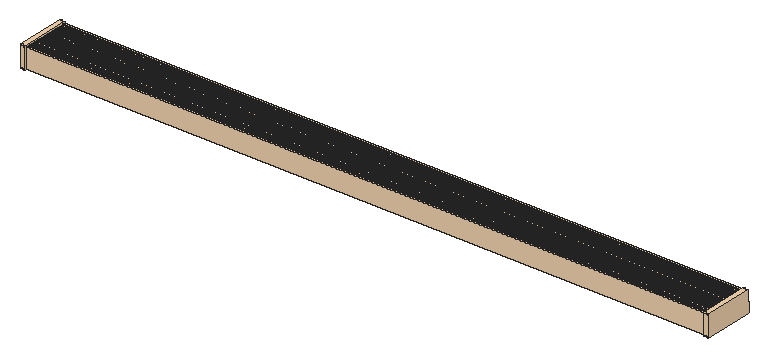
Revit family "Shower-Drain_Cover-KOHLER-Tile-In-K-80647_1", category Specialty Equipment, host Face, Revit 2017
Family settings
  Host = Face
  Round Connector Dimension = Use Diameter
  Part Type = Normal
  OmniClass Number = 23.31.25.00
  Cut with Voids When Loaded = No
  Shared = No
  Room Calculation Point = No
Parameters (values of type "2MB-Vibrant Brushed Moderne Brass")
  Width = 36"  # constant formula
  WaterSense Certified = 1 = 0  # no
  URL = "https://www.us.kohler.com/us/"
  Type = 1
  Product Page URL = "http://www.us.kohler.com/us/catalog/productDetails.jsp?productId=80647"
  Product Name = "TILE-IN"  # constant formula
  Product Documentation Link = "https://www.us.kohler.com/webassets/kpna/catalog/pdf/en/K-80647_spec_US-CA_Kohler_en.pdf"
  Model = if(Type = 1, "K-80647-2MB", if(Type = 2, "K-80647-BL", if(Type = 3, "K-80647-BNK", if(Type = 4, "K-80647-SH", "NA"))))  # "K-80647-2MB"
  Material = "Aluminum"  # constant formula
  Master Format 2014 Name = "Toilet, Bath, and Laundry Accessories"  # constant formula
  Master Format 2014 = "10 28 00"  # constant formula
  Manufacturer Address = "KOHLER Co. 444 Highland Dr. Kohler, WI 53044"  # constant formula
  Manufacturer = "KOHLER Co."  # constant formula
  Length = 2 9/16"  # constant formula
  Height = 1 1/8"  # constant formula
  Finish = Kohler-Metal-2MB-Vibrant_Brushed_Moderne_Brass
  Environmental Product Declaration = ""
  Description = "36 INCH TILE-IN MEDIUM LINEAR DRAIN GRID"  # constant formula
  Default Elevation = 0"
  Declare Label = ""
  Date Modified = "04/13/2021"  # constant formula
  Date Created = "04/13/2021"  # constant formula
  Copyright = "Copyright KOHLER Co."  # constant formula
  Contact Us = "https://www.us.kohler.com/us/static/contact.jsp"
  Assembly Code = "C1030200"
  ADA Compliant = 1 = 0  # no
Types (5): name | Type | Model | Finish
  (no name) | 1 | "K-80647-2MB" | Kohler-Metal-2MB-Vibrant_Brushed_Moderne_Brass
  2MB-Vibrant Brushed Moderne Brass | 1 | "K-80647-2MB" | Kohler-Metal-2MB-Vibrant_Brushed_Moderne_Brass
  BL-Matte Black | 2 | "K-80647-BL" | Kohler-Metal-BL-Matte_Black
  BNK-Anodized Brushed Nickel | 3 | "K-80647-BNK" | Kohler-Metal-BNK-Anodized_Brushed_Nickel
  SH-Bright Silver | 4 | "K-80647-SH" | Kohler-Metal-SH-Bright_Silver
Reference planes (in)
  plane 1 "Center (Front/Back)": y = 0
  plane 2: z = 0
  plane 3 "Center (Left/Right)": x = 0
  plane 4: y = 1.28125
  plane 5: y = 1.25
  plane 6: y = -1.28125
  plane 7: y = -1.25
  plane 8: z = -1.125
  plane 9: x = -18
  plane 10: x = 18
Forms (in)
  Extrusion 1, void
    sketch origin (0, 0, 0) x (1, 0, 0) y (0, 1, 0)
      loop
        line (17.75, 1.25) -> (-17.75, 1.25) -> (-17.75, 1.295) -> (-18, 1.295) -> (-18, -1.295) -> (-17.75, -1.295) -> (-17.75, -1.25) -> (17.75, -1.25) -> (17.75, -1.295) -> (18, -1.295) -> (18, 1.295) -> (17.75, 1.295) -> (17.75, 1.25)
    from 0 to -1.15415
Dimensions and locks (in)
  "Length": plane 4 to plane 6
  plane 5 to plane 7 = 2 1/2"
  "Height": level to plane 8
  "Width": plane 9 to plane 10
  aligned and locked: plane 2 to host face
  aligned and locked: level to host face
Automatic sketch dimensions
  host sketch curve to host sketch curve = 96"  (x2)
  plane 5 to Extrusion 1 sketch curve = 0"
  Extrusion 1 sketch curve to plane 7 = 0"
  Extrusion 1 sketch curve to plane 6 = 0.01375"  (x2)
  Extrusion 1 sketch curve to plane 4 = 0.01375"  (x2)
  plane 9 to Extrusion 1 sketch curve = 0"
  Extrusion 1 sketch curve to Extrusion 1 sketch curve = 1/4"  (x3)
  Extrusion 1 sketch curve to plane 10 = 1/4"
  Extrusion 1 sketch curve to Extrusion 1 sketch curve = 0"
Nested families (in)
  nested 1: "K-80647" at (0, 0, 0), type "K-80647"
Definition of nested family "K-80647"
  Parameters (values of type "K-80647")
    Material = none
  Reference planes (in)
    plane 1 "Center (Front/Back)": y = 0
    plane 2: z = 0
    plane 3 "Center (Left/Right)": x = 0
    plane 4: y = 1.28125
    plane 5: y = -1.28125
    plane 6: y = 1.25
    plane 7: y = -1.25
    plane 8: z = -1.125
    plane 9: x = -18
    plane 10: x = 18
  Forms (in)
    Extrusion 1, solid, material <- "Material", detail levels medium+fine
      sketch origin (0, 0, 0) x (0, 1, 0) y (0, 0, 1)
        loop
          arc (-1.255, 0) -> (-1.28328, -0.01172) -> (-1.295, -0.04) r 0.04
          line (-1.295, -0.04) -> (-1.295, -1.1)
          arc (-1.295, -1.1) -> (-1.28328, -1.12828) -> (-1.255, -1.14) r 0.04
          line (-1.255, -1.14) -> (1.255, -1.14)
          arc (1.255, -1.14) -> (1.28328, -1.12828) -> (1.295, -1.1) r 0.04
          line (1.295, -1.1) -> (1.295, -0.04)
          arc (1.295, -0.04) -> (1.28328, -0.01172) -> (1.255, 0) r 0.04
          line (1.255, 0) -> (-1.255, 0)
      from -18 to -17.75
    Extrusion 2, solid, material <- "Material", detail levels medium+fine
      sketch origin (0, 0, 0) x (0, 1, 0) y (0, 0, -1)
        loop
          line (-1.255, 0) -> (1.255, 0)
          arc (1.255, 0) -> (1.28328, 0.01172) -> (1.295, 0.04) r 0.04
          line (1.295, 0.04) -> (1.295, 1.1)
          arc (1.295, 1.1) -> (1.28328, 1.12828) -> (1.255, 1.14) r 0.04
          line (1.255, 1.14) -> (-1.255, 1.14)
          arc (-1.255, 1.14) -> (-1.28328, 1.12828) -> (-1.295, 1.1) r 0.04
          line (-1.295, 1.1) -> (-1.295, 0.04)
          arc (-1.295, 0.04) -> (-1.28328, 0.01172) -> (-1.255, 0) r 0.04
      from -18 to -17.75
    Extrusion 3, solid, material <- "Material", detail levels medium+fine
      sketch origin (0, 0, 0) x (0, 1, 0) y (0, 0, 1)
        loop
          line (1.13155, -0.05) -> (1.13155, -1.1) -> (1.25, -1.1) -> (1.25, -0.05) -> (1.13155, -0.05)
        loop
          line (-1.15, -1.1) -> (-1.15, -0.05) -> (-1.25, -0.05) -> (-1.25, -1.1) -> (-1.15, -1.1)
        loop
          line (-1.11665, -0.05) -> (-1.11665, -0.11699) -> (-1.05368, -0.11699) -> (-1.05368, -0.05) -> (-1.11665, -0.05)
        loop
          line (-1.02033, -0.05) -> (-1.02033, -0.11699) -> (-0.95736, -0.11699) -> (-0.95736, -0.05) -> (-1.02033, -0.05)
        loop
          line (-0.92401, -0.05) -> (-0.92401, -0.11699) -> (-0.86104, -0.11699) -> (-0.86104, -0.05) -> (-0.92401, -0.05)
        loop
          line (-0.82769, -0.05) -> (-0.82769, -0.11699) -> (-0.76471, -0.11699) -> (-0.76471, -0.05) -> (-0.82769, -0.05)
        loop
          line (-0.73137, -0.05) -> (-0.73137, -0.11699) -> (-0.66839, -0.11699) -> (-0.66839, -0.05) -> (-0.73137, -0.05)
        loop
          line (-0.63505, -0.05) -> (-0.63505, -0.11699) -> (-0.57207, -0.11699) -> (-0.57207, -0.05) -> (-0.63505, -0.05)
        loop
          line (-0.53873, -0.05) -> (-0.53873, -0.11699) -> (-0.47575, -0.11699) -> (-0.47575, -0.05) -> (-0.53873, -0.05)
        loop
          line (-0.44241, -0.05) -> (-0.44241, -0.11699) -> (-0.37943, -0.11699) -> (-0.37943, -0.05) -> (-0.44241, -0.05)
        loop
          line (-0.34608, -0.05) -> (-0.34608, -0.11699) -> (-0.28311, -0.11699) -> (-0.28311, -0.05) -> (-0.34608, -0.05)
        loop
          line (-0.24976, -0.05) -> (-0.24976, -0.11699) -> (-0.18679, -0.11699) -> (-0.18679, -0.05) -> (-0.24976, -0.05)
        loop
          line (-0.15344, -0.05) -> (-0.15344, -0.11699) -> (-0.09047, -0.11699) -> (-0.09047, -0.05) -> (-0.15344, -0.05)
        loop
          line (-0.05712, -0.05) -> (-0.05712, -0.11699) -> (0.00586, -0.11699) -> (0.00586, -0.05) -> (-0.05712, -0.05)
        loop
          line (0.0392, -0.05) -> (0.0392, -0.11699) -> (0.10218, -0.11699) -> (0.10218, -0.05) -> (0.0392, -0.05)
        loop
          line (0.13552, -0.05) -> (0.13552, -0.11699) -> (0.1985, -0.11699) -> (0.1985, -0.05) -> (0.13552, -0.05)
        loop
          line (0.23184, -0.05) -> (0.23184, -0.11699) -> (0.29482, -0.11699) -> (0.29482, -0.05) -> (0.23184, -0.05)
        loop
          line (0.32816, -0.05) -> (0.32816, -0.11699) -> (0.39114, -0.11699) -> (0.39114, -0.05) -> (0.32816, -0.05)
        loop
          line (0.42449, -0.05) -> (0.42449, -0.11699) -> (0.48746, -0.11699) -> (0.48746, -0.05) -> (0.42449, -0.05)
        loop
          line (0.52081, -0.05) -> (0.52081, -0.11699) -> (0.58378, -0.11699) -> (0.58378, -0.05) -> (0.52081, -0.05)
        loop
          line (0.61713, -0.05) -> (0.61713, -0.11699) -> (0.6801, -0.11699) -> (0.6801, -0.05) -> (0.61713, -0.05)
        loop
          line (0.71345, -0.05) -> (0.71345, -0.11699) -> (0.77643, -0.11699) -> (0.77643, -0.05) -> (0.71345, -0.05)
        loop
          line (0.80977, -0.05) -> (0.80977, -0.11699) -> (0.87275, -0.11699) -> (0.87275, -0.05) -> (0.80977, -0.05)
        loop
          line (0.90609, -0.05) -> (0.90609, -0.11699) -> (0.96907, -0.11699) -> (0.96907, -0.05) -> (0.90609, -0.05)
        loop
          line (1.01472, -0.05) -> (1.01472, -0.11699) -> (1.07769, -0.11699) -> (1.07769, -0.05) -> (1.01472, -0.05)
      from -17.75 to 17.75
    Extrusion 4, solid, material <- "Material", detail levels coarse
      sketch origin (0, 0, 0) x (1, 0, 0) y (0, 1, 0)
        loop
          line (-18, 1.295) -> (-18, -1.295) -> (-17.75, -1.295) -> (-17.75, -1.25) -> (17.75, -1.25) -> (17.75, -1.295) -> (18, -1.295) -> (18, 1.295) -> (17.75, 1.295) -> (17.75, 1.25) -> (-17.75, 1.25) -> (-17.75, 1.295) -> (-18, 1.295)
      from -1.125 to 0
    Extrusion 5, void
      sketch origin (0, 0, 0) x (1, 0, 0) y (0, 1, 0)
        loop
          circle (-17.49981, 1.00027) r 0.07522
        loop
          circle (-17.49981, -1.03718) r 0.07522
        loop
          circle (-16.51556, 1.00027) r 0.07522
        loop
          circle (-16.51556, -1.03718) r 0.07522
        loop
          circle (-15.49864, 1.00027) r 0.07522
        loop
          circle (-15.49864, -1.03718) r 0.07522
        loop
          circle (-14.49884, 1.00027) r 0.07522
        loop
          circle (-14.49884, -1.03718) r 0.07522
        loop
          circle (-13.50037, 1.00027) r 0.07522
        loop
          circle (-13.50037, -1.03718) r 0.07522
        loop
          circle (-12.50003, 1.00027) r 0.07522
        loop
          circle (-12.50003, -1.03718) r 0.07522
        loop
          circle (-6.50056, 1.00027) r 0.07522
        loop
          circle (-6.50056, -1.03718) r 0.07522
        loop
          circle (-0.50038, 1.00027) r 0.07522
        loop
          circle (-0.50038, -1.03718) r 0.07522
        loop
          circle (5.50152, 1.00027) r 0.07522
        loop
          circle (5.50152, -1.03718) r 0.07522
        loop
          circle (11.50094, 1.00027) r 0.07522
        loop
          circle (11.50094, -1.03718) r 0.07522
        loop
          circle (17.50045, 1.00027) r 0.07522
        loop
          circle (17.50045, -1.03718) r 0.07522
      from -1.38399 to 0.45587
  Cuts and joins
    Extrusion 5 cuts Extrusion 3
    joined: Extrusion 1, Extrusion 2, Extrusion 3
  Lines and regions (in)
    Masking region 1
      outline origin (0, 0, 0) x (1, 0, 0) y (0, 1, 0)
        loop
          line (-18, 1.25982) -> (-18, -1.25982)
          arc (-18, -1.25982) -> (-17.99372, -1.27497) -> (-17.97857, -1.28125) r 0.02143
          line (-17.97857, -1.28125) -> (-17.75, -1.28125) -> (-17.75, -1.25) -> (17.75, -1.25) -> (17.75, -1.28125) -> (17.97857, -1.28125)
          arc (17.97857, -1.28125) -> (17.99372, -1.27497) -> (18, -1.25982) r 0.02143
          line (18, -1.25982) -> (18, 1.25982)
          arc (18, 1.25982) -> (17.99372, 1.27497) -> (17.97857, 1.28125) r 0.02143
          line (17.97857, 1.28125) -> (17.75, 1.28125) -> (17.75, 1.25) -> (-17.75, 1.25) -> (-17.75, 1.28125) -> (-17.97857, 1.28125)
          arc (-17.97857, 1.28125) -> (-17.99372, 1.27497) -> (-18, 1.25982) r 0.02143
    Masking region 2
      outline origin (0, 0, 0) x (1, 0, 0) y (0, 0, 1)
        loop
          line (-17.97948, -1.125) -> (-17.75, -1.125) -> (-17.75, -1.09414) -> (17.75, -1.09414) -> (17.75, -1.125) -> (17.97948, -1.125)
          arc (17.97948, -1.125) -> (17.99399, -1.11899) -> (18, -1.10448) r 0.02052
          line (18, -1.10448) -> (18, -0.02052)
          arc (18, -0.02052) -> (17.99399, -0.00601) -> (17.97948, 0) r 0.02052
          line (17.97948, 0) -> (17.75, 0) -> (17.75, -0.05) -> (-17.75, -0.05) -> (-17.75, 0) -> (-17.97948, 0)
          arc (-17.97948, 0) -> (-17.99399, -0.00601) -> (-18, -0.02052) r 0.02052
          line (-18, -0.02052) -> (-18, -1.10448)
          arc (-18, -1.10448) -> (-17.99399, -1.11899) -> (-17.97948, -1.125) r 0.02052
    Masking region 3
      outline origin (0, 0, 0) x (0, 1, 0) y (0, 0, 1)
        loop
          line (1.28125, -1.08984) -> (1.28125, -0.03451)
          arc (1.28125, -0.03451) -> (1.27114, -0.01011) -> (1.24674, 0) r 0.03451
          line (1.24674, 0) -> (-1.24609, 0)
          arc (-1.24609, 0) -> (-1.27095, -0.0103) -> (-1.28125, -0.03516) r 0.03516
          line (-1.28125, -0.03516) -> (-1.28125, -1.08984)
          arc (-1.28125, -1.08984) -> (-1.27095, -1.1147) -> (-1.24609, -1.125) r 0.03516
          line (-1.24609, -1.125) -> (1.24609, -1.125)
          arc (1.24609, -1.125) -> (1.27095, -1.1147) -> (1.28125, -1.08984) r 0.03516
    symbolic lines, detail levels medium+fine
      curve 1: line (-17.75, 0, -0.05) -> (-17.75, 0, -1.09414)
      curve 2: line (17.75, 0, -0.04) -> (17.75, 0, -1.09414)
      curve 3: line (0, 1.24674, -0.01172) -> (0, -1.24609, -0.01172)
      curve 4: arc (0, -1.24609, -0.01172) -> (0, -1.26267, -0.01858) -> (0, -1.26953, -0.03516) r 0.02344
      curve 5: line (0, -1.26953, -1.08984) -> (0, -1.26953, -0.03516)
      curve 6: arc (0, -1.24609, -1.11328) -> (0, -1.26267, -1.10642) -> (0, -1.26953, -1.08984) r 0.02344
      curve 7: line (0, 1.24609, -1.11328) -> (0, -1.24609, -1.11328)
      curve 8: arc (0, 1.26953, -1.08984) -> (0, 1.26267, -1.10642) -> (0, 1.24609, -1.11328) r 0.02344
      curve 9: line (0, 1.26953, -1.08984) -> (0, 1.26953, -0.03451)
      curve 10: arc (0, 1.26953, -0.03451) -> (0, 1.26286, -0.01839) -> (0, 1.24674, -0.01172) r 0.02279
      curve 11: line (17.97948, 0, 0) -> (17.97948, 0, -1.125)
      curve 12: line (-17.97948, 0, -1.125) -> (-17.97948, 0, 0)
      curve 13: arc (-17.57312, -1.02033, 0) -> (-17.57503, -1.037, 0) -> (-17.57319, -1.05368, 0) r 0.07522
      curve 14: arc (-17.42642, -1.05368, 0) -> (-17.42459, -1.037, 0) -> (-17.4265, -1.02033, 0) r 0.07522
      curve 15: arc (-16.58886, -1.02033, 0) -> (-16.59077, -1.037, 0) -> (-16.58894, -1.05368, 0) r 0.07522
      curve 16: arc (-16.44217, -1.05368, 0) -> (-16.44034, -1.037, 0) -> (-16.44225, -1.02033, 0) r 0.07522
      curve 17: arc (-15.57195, -1.02033, 0) -> (-15.57386, -1.037, 0) -> (-15.57203, -1.05368, 0) r 0.07522
      curve 18: arc (-15.42526, -1.05368, 0) -> (-15.42342, -1.037, 0) -> (-15.42533, -1.02033, 0) r 0.07522
      curve 19: arc (-14.57215, -1.02033, 0) -> (-14.57406, -1.037, 0) -> (-14.57222, -1.05368, 0) r 0.07522
      curve 20: arc (-14.42546, -1.05368, 0) -> (-14.42362, -1.037, 0) -> (-14.42553, -1.02033, 0) r 0.07522
      curve 21: arc (-13.57367, -1.02033, 0) -> (-13.57558, -1.037, 0) -> (-13.57375, -1.05368, 0) r 0.07522
      curve 22: arc (-13.42698, -1.05368, 0) -> (-13.42515, -1.037, 0) -> (-13.42706, -1.02033, 0) r 0.07522
      curve 23: arc (-12.42664, -1.05368, 0) -> (-12.42481, -1.037, 0) -> (-12.42672, -1.02033, 0) r 0.07522
      curve 24: arc (-12.57333, -1.02033, 0) -> (-12.57524, -1.037, 0) -> (-12.57341, -1.05368, 0) r 0.07522
      curve 25: arc (-6.42692, -1.02033, 0) -> (-6.42536, -1.03704, 0) -> (-6.42754, -1.05368, 0) r 0.07522
      curve 26: arc (-6.57387, -1.02033, 0) -> (-6.57578, -1.037, 0) -> (-6.57394, -1.05368, 0) r 0.07522
      curve 27: arc (-0.57368, -1.02033, 0) -> (-0.57559, -1.037, 0) -> (-0.57376, -1.05368, 0) r 0.07522
      curve 28: arc (-0.42699, -1.05368, 0) -> (-0.42516, -1.037, 0) -> (-0.42707, -1.02033, 0) r 0.07522
      curve 29: arc (5.42821, -1.02033, 0) -> (5.4263, -1.037, 0) -> (5.42814, -1.05368, 0) r 0.07522
      curve 30: arc (5.57491, -1.05368, 0) -> (5.57674, -1.037, 0) -> (5.57483, -1.02033, 0) r 0.07522
      curve 31: arc (11.42764, -1.02033, 0) -> (11.42573, -1.037, 0) -> (11.42756, -1.05368, 0) r 0.07522
      curve 32: arc (11.57433, -1.05368, 0) -> (11.57616, -1.037, 0) -> (11.57425, -1.02033, 0) r 0.07522
      curve 33: arc (17.42714, -1.02033, 0) -> (17.42523, -1.037, 0) -> (17.42707, -1.05368, 0) r 0.07522
      curve 34: arc (17.57384, -1.05368, 0) -> (17.57567, -1.037, 0) -> (17.57376, -1.02033, 0) r 0.07522
      curve 35: arc (17.42663, 1.01472, 0) -> (17.42575, 0.99147, 0) -> (17.43201, 0.96907, 0) r 0.07522
      curve 36: arc (17.56889, 0.96907, 0) -> (17.57515, 0.99147, 0) -> (17.57427, 1.01472, 0) r 0.07522
      curve 37: arc (11.42713, 1.01472, 0) -> (11.42624, 0.99147, 0) -> (11.4325, 0.96907, 0) r 0.07522
      curve 38: arc (11.56938, 0.96907, 0) -> (11.57564, 0.99147, 0) -> (11.57476, 1.01472, 0) r 0.07522
      curve 39: arc (5.4277, 1.01472, 0) -> (5.42682, 0.99147, 0) -> (5.43308, 0.96907, 0) r 0.07522
      curve 40: arc (5.56996, 0.96907, 0) -> (5.57622, 0.99147, 0) -> (5.57534, 1.01472, 0) r 0.07522
      curve 41: arc (-0.57419, 1.01472, 0) -> (-0.57508, 0.99147, 0) -> (-0.56882, 0.96907, 0) r 0.07522
      curve 42: arc (-0.43194, 0.96907, 0) -> (-0.42568, 0.99147, 0) -> (-0.42656, 1.01472, 0) r 0.07522
      curve 43: arc (-6.57438, 1.01472, 0) -> (-6.57526, 0.99147, 0) -> (-6.569, 0.96907, 0) r 0.07522
      curve 44: arc (-6.43212, 0.96907, 0) -> (-6.42586, 0.99147, 0) -> (-6.42674, 1.01472, 0) r 0.07522
      curve 45: arc (-12.43159, 0.96907, 0) -> (-12.42533, 0.99147, 0) -> (-12.42621, 1.01472, 0) r 0.07522
      curve 46: arc (-12.57384, 1.01472, 0) -> (-12.57473, 0.99147, 0) -> (-12.56847, 0.96907, 0) r 0.07522
      curve 47: arc (-13.57418, 1.01472, 0) -> (-13.57507, 0.99147, 0) -> (-13.56881, 0.96907, 0) r 0.07522
      curve 48: arc (-13.43193, 0.96907, 0) -> (-13.42567, 0.99147, 0) -> (-13.42655, 1.01472, 0) r 0.07522
      curve 49: arc (-14.57073, 1.0224, 0) -> (-14.5739, 0.99542, 0) -> (-14.56728, 0.96907, 0) r 0.07522
      curve 50: arc (-14.4304, 0.96907, 0) -> (-14.42414, 0.99147, 0) -> (-14.42502, 1.01472, 0) r 0.07522
      curve 51: arc (-15.57246, 1.01472, 0) -> (-15.57334, 0.99147, 0) -> (-15.56708, 0.96907, 0) r 0.07522
      curve 52: arc (-15.4302, 0.96907, 0) -> (-15.42394, 0.99147, 0) -> (-15.42482, 1.01472, 0) r 0.07522
      curve 53: arc (-16.58937, 1.01472, 0) -> (-16.59026, 0.99147, 0) -> (-16.584, 0.96907, 0) r 0.07522
      curve 54: arc (-16.44712, 0.96907, 0) -> (-16.44086, 0.99147, 0) -> (-16.44174, 1.01472, 0) r 0.07522
      curve 55: arc (-17.57363, 1.01472, 0) -> (-17.57451, 0.99147, 0) -> (-17.56825, 0.96907, 0) r 0.07522
      curve 56: arc (-17.43137, 0.96907, 0) -> (-17.42511, 0.99147, 0) -> (-17.42599, 1.01472, 0) r 0.07522
      curve 57: line (-17.75, -1.25, 0) -> (-17.75, 1.255, 0)
      curve 58: line (17.75, 1.25, 0) -> (17.75, -1.255, 0)
      curve 59: line (-17.75, 1.13155, 0) -> (17.75, 1.13155, 0)
      curve 60: line (17.75, 1.07769, 0) -> (-17.75, 1.07769, 0)
      curve 61: line (-17.75, 1.01472, 0) -> (-17.57363, 1.01472, 0)
      curve 62: line (17.75, 0.96907, 0) -> (17.56889, 0.96907, 0)
      curve 63: line (-17.75, 0.90609, 0) -> (17.75, 0.90609, 0)
      curve 64: line (17.75, 0.87275, 0) -> (-17.75, 0.87275, 0)
      curve 65: line (-17.75, 0.80977, 0) -> (17.75, 0.80977, 0)
      curve 66: line (17.75, 0.77643, 0) -> (-17.75, 0.77643, 0)
      curve 67: line (-17.75, 0.71345, 0) -> (17.75, 0.71345, 0)
      curve 68: line (17.75, 0.6801, 0) -> (-17.75, 0.6801, 0)
      curve 69: line (17.75, 0.58378, 0) -> (-17.75, 0.58378, 0)
      curve 70: line (-17.75, 0.61713, 0) -> (17.75, 0.61713, 0)
      curve 71: line (17.75, 0.48746, 0) -> (-17.75, 0.48746, 0)
      curve 72: line (-17.75, 0.52081, 0) -> (17.75, 0.52081, 0)
      curve 73: line (-17.75, 0.42449, 0) -> (17.75, 0.42449, 0)
      curve 74: line (17.75, 0.39114, 0) -> (-17.75, 0.39114, 0)
      curve 75: line (17.75, 0.29482, 0) -> (-17.75, 0.29482, 0)
      curve 76: line (-17.75, 0.32816, 0) -> (17.75, 0.32816, 0)
      curve 77: line (-17.75, 0.23184, 0) -> (17.75, 0.23184, 0)
      curve 78: line (17.75, 0.1985, 0) -> (-17.75, 0.1985, 0)
      curve 79: line (-17.75, 0.13552, 0) -> (17.75, 0.13552, 0)
      curve 80: line (17.75, 0.10218, 0) -> (-17.75, 0.10218, 0)
      curve 81: line (-17.75, 0.0392, 0) -> (17.75, 0.0392, 0)
      curve 82: line (17.75, 0.00586, 0) -> (-17.75, 0.00586, 0)
      curve 83: line (-17.75, -0.05712, 0) -> (17.75, -0.05712, 0)
      curve 84: line (17.75, -0.09047, 0) -> (-17.75, -0.09047, 0)
      curve 85: line (-17.75, -0.15344, 0) -> (17.75, -0.15344, 0)
      curve 86: line (17.75, -0.18679, 0) -> (-17.75, -0.18679, 0)
      curve 87: line (-17.75, -0.24976, 0) -> (17.75, -0.24976, 0)
      curve 88: line (17.75, -0.28311, 0) -> (-17.75, -0.28311, 0)
      curve 89: line (-17.75, -0.34608, 0) -> (17.75, -0.34608, 0)
      curve 90: line (17.75, -0.37943, 0) -> (-17.75, -0.37943, 0)
      curve 91: line (-17.75, -0.44241, 0) -> (17.75, -0.44241, 0)
      curve 92: line (17.75, -0.47575, 0) -> (-17.75, -0.47575, 0)
      curve 93: line (-17.75, -0.53873, 0) -> (17.75, -0.53873, 0)
      curve 94: line (17.75, -0.57207, 0) -> (-17.75, -0.57207, 0)
      curve 95: line (-17.75, -0.63505, 0) -> (17.75, -0.63505, 0)
      curve 96: line (17.75, -0.66839, 0) -> (-17.75, -0.66839, 0)
      curve 97: line (-17.75, -0.73137, 0) -> (17.75, -0.73137, 0)
      curve 98: line (17.75, -0.76471, 0) -> (-17.75, -0.76471, 0)
      curve 99: line (17.75, -1.15, 0) -> (-17.75, -1.15, 0)
      curve 100: line (-17.75, -1.11665, 0) -> (17.75, -1.11665, 0)
      curve 101: line (17.75, -1.05368, 0) -> (17.57384, -1.05368, 0)
      curve 102: line (-17.75, -1.02033, 0) -> (-17.57312, -1.02033, 0)
      curve 103: line (17.75, -0.95736, 0) -> (-6.57945, -0.95736, 0)
      curve 104: line (-17.75, -0.92401, 0) -> (17.75, -0.92401, 0)
      curve 105: line (17.75, -0.86104, 0) -> (-17.75, -0.86104, 0)
      curve 106: line (-17.75, -0.82769, 0) -> (17.75, -0.82769, 0)
      curve 107: line (-17.75, -1.15, 0) -> (-17.75, -1.11665, 0)
      curve 108: line (-17.75, 1.07769, 0) -> (-17.75, 1.13155, 0)
      curve 109: line (-17.75, 0.96907, 0) -> (-17.75, 1.01472, 0)
      curve 110: line (-17.75, 0.87275, 0) -> (-17.75, 0.90609, 0)
      curve 111: line (-17.75, 0.77643, 0) -> (-17.75, 0.80977, 0)
      curve 112: line (-17.75, 0.6801, 0) -> (-17.75, 0.71345, 0)
      curve 113: line (-17.75, 0.58378, 0) -> (-17.75, 0.61713, 0)
      curve 114: line (-17.75, 0.48746, 0) -> (-17.75, 0.52081, 0)
      curve 115: line (-17.75, 0.39114, 0) -> (-17.75, 0.42449, 0)
      curve 116: line (-17.75, 0.29482, 0) -> (-17.75, 0.32816, 0)
      curve 117: line (-17.75, 0.1985, 0) -> (-17.75, 0.23184, 0)
      curve 118: line (-17.75, 0.10218, 0) -> (-17.75, 0.13552, 0)
      curve 119: line (-17.75, 0.00586, 0) -> (-17.75, 0.0392, 0)
      curve 120: line (-17.75, -0.09047, 0) -> (-17.75, -0.05712, 0)
      curve 121: line (-17.75, -0.18679, 0) -> (-17.75, -0.15344, 0)
      curve 122: line (-17.75, -0.28311, 0) -> (-17.75, -0.24976, 0)
      curve 123: line (-17.75, -0.37943, 0) -> (-17.75, -0.34608, 0)
      curve 124: line (-17.75, -0.47575, 0) -> (-17.75, -0.44241, 0)
      curve 125: line (-17.75, -0.57207, 0) -> (-17.75, -0.53873, 0)
      curve 126: line (-17.75, -0.66839, 0) -> (-17.75, -0.63505, 0)
      curve 127: line (-17.75, -0.76471, 0) -> (-17.75, -0.73137, 0)
      curve 128: line (-17.75, -0.86104, 0) -> (-17.75, -0.82769, 0)
      curve 129: line (-17.75, -0.95736, 0) -> (-17.75, -0.92401, 0)
      curve 130: line (-17.75, -1.05368, 0) -> (-17.75, -1.02033, 0)
      curve 131: line (17.75, -1.15, 0) -> (17.75, -1.11665, 0)
      curve 132: line (17.75, 1.07769, 0) -> (17.75, 1.13155, 0)
      curve 133: line (17.75, 0.96907, 0) -> (17.75, 1.01472, 0)
      curve 134: line (17.75, 0.87275, 0) -> (17.75, 0.90609, 0)
      curve 135: line (17.75, 0.77643, 0) -> (17.75, 0.80977, 0)
      curve 136: line (17.75, 0.6801, 0) -> (17.75, 0.71345, 0)
      curve 137: line (17.75, 0.58378, 0) -> (17.75, 0.61713, 0)
      curve 138: line (17.75, 0.48746, 0) -> (17.75, 0.52081, 0)
      curve 139: line (17.75, 0.39114, 0) -> (17.75, 0.42449, 0)
      curve 140: line (17.75, 0.29482, 0) -> (17.75, 0.32816, 0)
      curve 141: line (17.75, 0.1985, 0) -> (17.75, 0.23184, 0)
      curve 142: line (17.75, 0.10218, 0) -> (17.75, 0.13552, 0)
      curve 143: line (17.75, 0.00586, 0) -> (17.75, 0.0392, 0)
      curve 144: line (17.75, -0.09047, 0) -> (17.75, -0.05712, 0)
      curve 145: line (17.75, -0.18679, 0) -> (17.75, -0.15344, 0)
      curve 146: line (17.75, -0.28311, 0) -> (17.75, -0.24976, 0)
      curve 147: line (17.75, -0.37943, 0) -> (17.75, -0.34608, 0)
      curve 148: line (17.75, -0.47575, 0) -> (17.75, -0.44241, 0)
      curve 149: line (17.75, -0.57207, 0) -> (17.75, -0.53873, 0)
      curve 150: line (17.75, -0.66839, 0) -> (17.75, -0.63505, 0)
      curve 151: line (17.75, -0.76471, 0) -> (17.75, -0.73137, 0)
      curve 152: line (17.75, -0.86104, 0) -> (17.75, -0.82769, 0)
      curve 153: line (17.75, -0.95736, 0) -> (17.75, -0.92401, 0)
      curve 154: line (17.75, -1.05368, 0) -> (17.75, -1.02033, 0)
      curve 155: arc (-17.56825, 0.96907, 0) -> (-17.49981, 0.92505, 0) -> (-17.43137, 0.96907, 0) r 0.07522
      curve 156: arc (-17.42599, 1.01472, 0) -> (-17.49981, 1.07549, 0) -> (-17.57363, 1.01472, 0) r 0.07522
      curve 157: arc (-16.584, 0.96907, 0) -> (-16.51556, 0.92505, 0) -> (-16.44712, 0.96907, 0) r 0.07522
      curve 158: arc (-16.44174, 1.01472, 0) -> (-16.51556, 1.07549, 0) -> (-16.58937, 1.01472, 0) r 0.07522
      curve 159: arc (-17.57319, -1.05368, 0) -> (-17.49981, -1.11239, 0) -> (-17.42642, -1.05368, 0) r 0.07522
      curve 160: arc (-17.4265, -1.02033, 0) -> (-17.49981, -0.96196, 0) -> (-17.57312, -1.02033, 0) r 0.07522
      curve 161: arc (-16.58894, -1.05368, 0) -> (-16.51556, -1.11239, 0) -> (-16.44217, -1.05368, 0) r 0.07522
      curve 162: arc (-16.44225, -1.02033, 0) -> (-16.51556, -0.96196, 0) -> (-16.58886, -1.02033, 0) r 0.07522
      curve 163: arc (-15.42482, 1.01472, 0) -> (-15.49864, 1.07549, 0) -> (-15.57246, 1.01472, 0) r 0.07522
      curve 164: arc (-15.56708, 0.96907, 0) -> (-15.49864, 0.92505, 0) -> (-15.4302, 0.96907, 0) r 0.07522
      curve 165: arc (-14.42502, 1.01472, 0) -> (-14.49884, 1.07549, 0) -> (-14.57266, 1.01472, 0) r 0.07522
      curve 166: arc (-14.56728, 0.96907, 0) -> (-14.49884, 0.92505, 0) -> (-14.4304, 0.96907, 0) r 0.07522
      curve 167: arc (-12.42621, 1.01472, 0) -> (-12.50003, 1.07549, 0) -> (-12.57384, 1.01472, 0) r 0.07522
      curve 168: arc (-12.56847, 0.96907, 0) -> (-12.50003, 0.92505, 0) -> (-12.43159, 0.96907, 0) r 0.07522
      curve 169: arc (-13.56881, 0.96907, 0) -> (-13.50037, 0.92505, 0) -> (-13.43193, 0.96907, 0) r 0.07522
      curve 170: arc (-13.42655, 1.01472, 0) -> (-13.50037, 1.07549, 0) -> (-13.57418, 1.01472, 0) r 0.07522
      curve 171: arc (-15.57203, -1.05368, 0) -> (-15.49864, -1.11239, 0) -> (-15.42526, -1.05368, 0) r 0.07522
      curve 172: arc (-15.42533, -1.02033, 0) -> (-15.49864, -0.96196, 0) -> (-15.57195, -1.02033, 0) r 0.07522
      curve 173: arc (-14.57222, -1.05368, 0) -> (-14.49884, -1.11239, 0) -> (-14.42546, -1.05368, 0) r 0.07522
      curve 174: arc (-14.42553, -1.02033, 0) -> (-14.49884, -0.96196, 0) -> (-14.57215, -1.02033, 0) r 0.07522
      curve 175: arc (-13.57375, -1.05368, 0) -> (-13.50037, -1.11239, 0) -> (-13.42698, -1.05368, 0) r 0.07522
      curve 176: arc (-13.42706, -1.02033, 0) -> (-13.50037, -0.96196, 0) -> (-13.57367, -1.02033, 0) r 0.07522
      curve 177: arc (-12.57341, -1.05368, 0) -> (-12.50003, -1.11239, 0) -> (-12.42664, -1.05368, 0) r 0.07522
      curve 178: arc (-12.42672, -1.02033, 0) -> (-12.50003, -0.96196, 0) -> (-12.57333, -1.02033, 0) r 0.07522
      curve 179: line (-17.42599, 1.01472, 0) -> (-16.58937, 1.01472, 0)
      curve 180: line (-17.56825, 0.96907, 0) -> (-17.75, 0.96907, 0)
      curve 181: line (-16.44174, 1.01472, 0) -> (-15.57246, 1.01472, 0)
      curve 182: line (-16.584, 0.96907, 0) -> (-17.43137, 0.96907, 0)
      curve 183: line (-15.42482, 1.01472, 0) -> (-14.57266, 1.01472, 0)
      curve 184: line (-15.56708, 0.96907, 0) -> (-16.44712, 0.96907, 0)
      curve 185: line (-14.42502, 1.01472, 0) -> (-13.57418, 1.01472, 0)
      curve 186: line (-14.56728, 0.96907, 0) -> (-15.4302, 0.96907, 0)
      curve 187: line (-13.42655, 1.01472, 0) -> (-12.57384, 1.01472, 0)
      curve 188: line (-13.56881, 0.96907, 0) -> (-14.4304, 0.96907, 0)
      curve 189: line (-12.42621, 1.01472, 0) -> (-6.57438, 1.01472, 0)
      curve 190: line (-12.56847, 0.96907, 0) -> (-13.43193, 0.96907, 0)
      curve 191: line (-12.42672, -1.02033, 0) -> (-6.5742, -1.02033, 0)
      curve 192: line (-12.57341, -1.05368, 0) -> (-13.42698, -1.05368, 0)
      curve 193: line (-13.42706, -1.02033, 0) -> (-12.57333, -1.02033, 0)
      curve 194: line (-13.57375, -1.05368, 0) -> (-14.42546, -1.05368, 0)
      curve 195: line (-14.42553, -1.02033, 0) -> (-13.57367, -1.02033, 0)
      curve 196: line (-14.57222, -1.05368, 0) -> (-15.42526, -1.05368, 0)
      curve 197: line (-15.42533, -1.02033, 0) -> (-14.57215, -1.02033, 0)
      curve 198: line (-15.57203, -1.05368, 0) -> (-16.44217, -1.05368, 0)
      curve 199: line (-16.44225, -1.02033, 0) -> (-15.57195, -1.02033, 0)
      curve 200: line (-16.58894, -1.05368, 0) -> (-17.42642, -1.05368, 0)
      curve 201: line (-17.4265, -1.02033, 0) -> (-16.58886, -1.02033, 0)
      curve 202: line (-17.57319, -1.05368, 0) -> (-17.75, -1.05368, 0)
      curve 203: arc (-6.42674, 1.01472, 0) -> (-6.50056, 1.07549, 0) -> (-6.57438, 1.01472, 0) r 0.07522
      curve 204: arc (-6.569, 0.96907, 0) -> (-6.50056, 0.92505, 0) -> (-6.43212, 0.96907, 0) r 0.07522
      curve 205: arc (-0.42656, 1.01472, 0) -> (-0.50038, 1.07549, 0) -> (-0.57419, 1.01472, 0) r 0.07522
      curve 206: arc (-0.56882, 0.96907, 0) -> (-0.50038, 0.92505, 0) -> (-0.43194, 0.96907, 0) r 0.07522
      curve 207: arc (5.57534, 1.01472, 0) -> (5.50152, 1.07549, 0) -> (5.4277, 1.01472, 0) r 0.07522
      curve 208: arc (5.43308, 0.96907, 0) -> (5.50152, 0.92505, 0) -> (5.56996, 0.96907, 0) r 0.07522
      curve 209: arc (11.57476, 1.01472, 0) -> (11.50094, 1.07549, 0) -> (11.42713, 1.01472, 0) r 0.07522
      curve 210: arc (11.4325, 0.96907, 0) -> (11.50094, 0.92505, 0) -> (11.56938, 0.96907, 0) r 0.07522
      curve 211: arc (17.43201, 0.96907, 0) -> (17.50045, 0.92505, 0) -> (17.56889, 0.96907, 0) r 0.07522
      curve 212: arc (17.57427, 1.01472, 0) -> (17.50045, 1.07549, 0) -> (17.42663, 1.01472, 0) r 0.07522
      curve 213: arc (17.42707, -1.05368, 0) -> (17.50045, -1.11239, 0) -> (17.57384, -1.05368, 0) r 0.07522
      curve 214: arc (17.57376, -1.02033, 0) -> (17.50045, -0.96196, 0) -> (17.42714, -1.02033, 0) r 0.07522
      curve 215: arc (11.42756, -1.05368, 0) -> (11.50094, -1.11239, 0) -> (11.57433, -1.05368, 0) r 0.07522
      curve 216: arc (11.57425, -1.02033, 0) -> (11.50094, -0.96196, 0) -> (11.42764, -1.02033, 0) r 0.07522
      curve 217: arc (5.42814, -1.05368, 0) -> (5.50152, -1.11239, 0) -> (5.57491, -1.05368, 0) r 0.07522
      curve 218: arc (5.57483, -1.02033, 0) -> (5.50152, -0.96196, 0) -> (5.42821, -1.02033, 0) r 0.07522
      curve 219: arc (-0.57376, -1.05368, 0) -> (-0.50038, -1.11239, 0) -> (-0.42699, -1.05368, 0) r 0.07522
      curve 220: arc (-0.42707, -1.02033, 0) -> (-0.50038, -0.96196, 0) -> (-0.57368, -1.02033, 0) r 0.07522
      curve 221: line (17.42707, -1.05368, 0) -> (11.57433, -1.05368, 0)
      curve 222: line (17.57376, -1.02033, 0) -> (17.75, -1.02033, 0)
      curve 223: line (11.42756, -1.05368, 0) -> (5.57491, -1.05368, 0)
      curve 224: line (11.57425, -1.02033, 0) -> (17.42714, -1.02033, 0)
      curve 225: line (5.42814, -1.05368, 0) -> (-0.42699, -1.05368, 0)
      curve 226: line (5.57483, -1.02033, 0) -> (11.42764, -1.02033, 0)
      curve 227: line (-0.57376, -1.05368, 0) -> (-6.42754, -1.05368, 0)
      curve 228: line (-0.42707, -1.02033, 0) -> (5.42821, -1.02033, 0)
      curve 229: line (-6.42692, -1.02033, 0) -> (-0.57368, -1.02033, 0)
      curve 230: line (-6.57945, -0.95736, 0) -> (-17.75, -0.95736, 0)
      curve 231: arc (-6.57358, -1.05368, 0) -> (-6.50056, -1.11086, 0) -> (-6.42754, -1.05368, 0) r 0.07522
      curve 232: arc (-6.42692, -1.02033, 0) -> (-6.50056, -0.96042, 0) -> (-6.5742, -1.02033, 0) r 0.07522
      curve 233: line (-6.57394, -1.05368, 0) -> (-12.42664, -1.05368, 0)
      curve 234: line (17.43201, 0.96907, 0) -> (11.56938, 0.96907, 0)
      curve 235: line (17.57427, 1.01472, 0) -> (17.75, 1.01472, 0)
      curve 236: line (11.4325, 0.96907, 0) -> (5.56996, 0.96907, 0)
      curve 237: line (11.57476, 1.01472, 0) -> (17.42663, 1.01472, 0)
      curve 238: line (5.43308, 0.96907, 0) -> (-0.43194, 0.96907, 0)
      curve 239: line (5.57534, 1.01472, 0) -> (11.42713, 1.01472, 0)
      curve 240: line (-0.56882, 0.96907, 0) -> (-6.43212, 0.96907, 0)
      curve 241: line (-0.42656, 1.01472, 0) -> (5.4277, 1.01472, 0)
      curve 242: line (-6.569, 0.96907, 0) -> (-12.43159, 0.96907, 0)
      curve 243: line (-6.42674, 1.01472, 0) -> (-0.57419, 1.01472, 0)
  Dimensions and locks (in)
    plane 4 to plane 5 = 2 9/16"
    plane 6 to plane 7 = 2 1/2"
    level to plane 8 = 1 1/8"
    plane 9 to plane 10 = 36"
    aligned and locked: plane 2 to level
